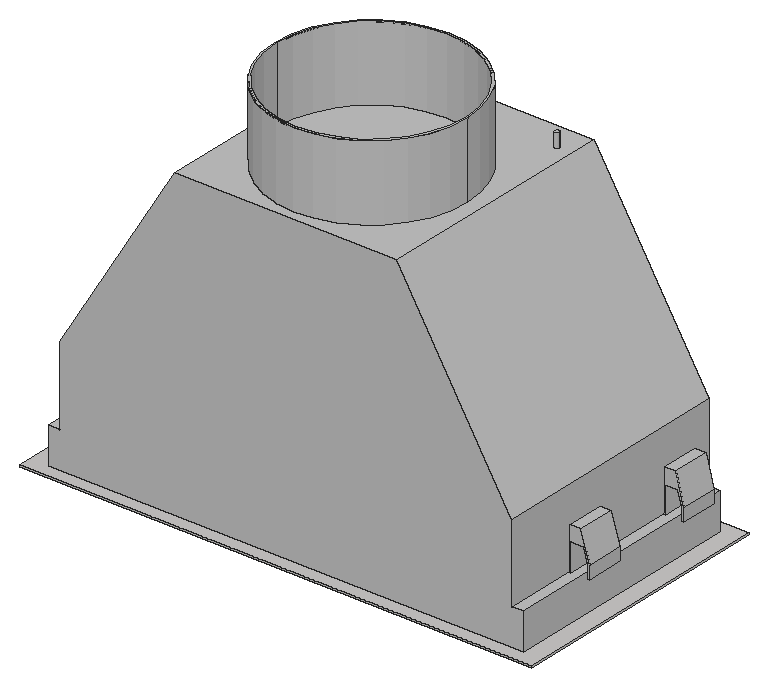
Revit family "FP_Revit_18_HP60IDCHEX3_Rangehood_90000957A", category Specialty Equipment, Revit 2018
Family settings
  Round Connector Dimension = Use Diameter
  Part Type = Normal
  OmniClass Number = 23.40.40.00
  OmniClass Title = Food Service Equipment and Furnishings
  Work Plane-Based = No
  Always vertical = Yes
  Cut with Voids When Loaded = Yes
  Shared = No
  Room Calculation Point = No
Parameters
  Visibility - Clearance Required = yes
  URL = "www.fisherpaykel.com"
  Product - Width = 530 mm  # constant formula
  Product - Height = 398 mm  # constant formula
  Product - Depth = 280 mm  # constant formula
  Model = "HP60IDCHEX3"
  Material - Trim = Fisher & Paykel - Stainless Steel
  Material - Glass = Fisher & Paykel - Glass, Black
  Material - Diffuser = Fisher & Paykel - White Bezel
  Material - Body = Fisher & Paykel - Grey
  Manufacturer = "Fisher & Paykel Appliances"
  Keynote = ""
  FFL Offset [instance] = 1550 mm
  Description = "60cm Built-in Integrated Rangehood (uses External Blower HB1200E)"
  Connector Description - Extraction = "Use rigid or semi-rigid ducting 200mm diameter, 1200m³/hr"
  Connector Description - Electrical = "220-240 V, 50Hz, 15 A fused electrical supply"
  Chassis - Width = 492 mm  # constant formula
  Chassis - Height = 318 mm  # constant formula
  Chassis - Depth = 255 mm  # constant formula
  Cavity - Width = 500 mm  # constant formula
  Cavity - Height = 400 mm  # constant formula
  Cavity - Depth = 260 mm  # constant formula
Reference planes
  plane 1 "Center (Front/Back)": y = 0
  plane 2: z = 0
  plane 3 "Center (Left/Right)": x = 0
  plane 4 "Product - LHS": x = -265
  plane 5 "Product - RHS": x = 265
  plane 6 "Product - Rear": y = 140
  plane 7 "Cavity - Rear": y = 130
  plane 8 "Chassis - LHS": x = -246
  plane 9 "Chassis - RHS": x = 246
  plane 10 "Product - Front": y = -140
  plane 11 "Cavity - Front": y = -130
  plane 12 "Cavity - RHS": x = 250
  plane 13 "Cavity - LHS": x = -250
  plane 14 "Chassis - Rear": y = 127.5
  plane 15 "Chassis - Front": y = -127.5
  plane 16 "FFL Offset": z = 1550
  plane 17 "Frame": z = 1548
Forms (mm)
  Extrusion 1, solid, material "Fisher & Paykel - Grey" <- "Material - Body"
    sketch origin (0, -130, 0) x (-1, 0, 0) y (0, 0, 1)
      loop
        line (-234, 1588) -> (-246, 1588) -> (-246, 1550) -> (246, 1550) -> (246, 1588) -> (234, 1588) -> (234, 1669) -> (115, 1868) -> (-115, 1868) -> (-234, 1669) -> (-234, 1588)
    from 3 to 257.5
  Extrusion 2, void
    sketch origin (0, 0, 0) x (0, 1, 0) y (0, 0, 1)
      loop
        line (-125, 1548) -> (-75, 1548) -> (-75, 1550) -> (-73, 1553.464) -> (-97.046, 1567.347) -> (-99.046, 1563.883) -> (-102, 1569) -> (-125, 1569) -> (-125, 1548)
      loop
        line (-59, 1548) -> (125, 1548) -> (125, 1568) -> (113, 1568) -> (113, 1578) -> (-59, 1578) -> (-59, 1548)
    from -245 to 245
  Extrusion 3, solid, material "Fisher & Paykel - Stainless Steel" <- "Material - Trim"
    sketch origin (0, 0, 0) x (1, 0, 0) y (0, 1, 0)
      loop
        line (-265, -140) -> (265, -140) -> (265, 140) -> (-265, 140) -> (-265, -140)
      loop
        line (-245, -125) -> (245, -125) -> (245, -75) -> (-245, -75) -> (-245, -125)
      loop
        line (-245, -59) -> (245, -59) -> (245, 125) -> (-245, 125) -> (-245, -59)
    from 1548 to 1550
  Extrusion 4, solid, material "Fisher & Paykel - Glass, Black" <- "Material - Glass", detail levels fine
    sketch origin (0, 0, 0) x (1, 0, 0) y (0, 1, 0)
      loop
        line (-227.5, -43.3) -> (227.5, -43.3) -> (227.5, 104.7) -> (-227.5, 104.7) -> (-227.5, -43.3)
    from 1548 to 1551
  Extrusion 5, solid, material "Fisher & Paykel - Grey" <- "Material - Body", detail levels medium+fine
    sketch origin (0, 0, 1550) x (1, 0, 0) y (0, 0, 1)
      loop
        line (248.781, 66) -> (253, 51) -> (253, 38) -> (255, 38) -> (255, 51) -> (246.281, 82) -> (234, 82) -> (234, 38) -> (236, 38) -> (236, 66) -> (248.781, 66)
      loop
        line (-248.781, 66) -> (-236, 66) -> (-236, 38) -> (-234, 38) -> (-234, 82) -> (-246.281, 82) -> (-255, 51) -> (-255, 38) -> (-253, 38) -> (-253, 51) -> (-248.781, 66)
    from 14 to 53
  Extrusion 6, solid, material "Fisher & Paykel - Grey"
    sketch origin (0, 0, 0) x (1, 0, 0) y (0, 1, 0)
      loop
        circle (0.024, -17) r 99.999
      loop
        circle (0.024, -17) r 98
    from 1868 to 1946
  Extrusion 7, solid, material "Fisher & Paykel - Grey" <- "Material - Body", detail levels fine
    sketch origin (0, 0, 0) x (1, 0, 0) y (0, 1, 0)
      loop
        circle (-99, 100) r 2.487
      loop
        circle (99, 100) r 2.458
    from 1868 to 1881.6
  Extrusion 8, solid, material "Fisher & Paykel - White Bezel" <- "Material - Diffuser", detail levels fine
    sketch origin (0, 0, 1550) x (0, 1, 0) y (0, 0, 1)
      loop
        line (-118, 19) -> (-118, 18) -> (-107, 18) -> (-107, 19) -> (-118, 19)
    from -212 to 212
  Extrusion 9, solid, material "Fisher & Paykel - Clearance Required", visible <- "Visibility - Clearance Required", detail levels coarse
    sketch origin (0, 0, 0) x (1, 0, 0) y (0, 1, 0)
      loop
        line (-250, 130) -> (-250, -130) -> (250, -130) -> (250, 130) -> (-250, 130)
    from 1550 to 1950
  Extrusion 10, solid, material "Fisher & Paykel - Clearance Required", visible <- "Visibility - Clearance Required", detail levels coarse
    sketch origin (0, 0, 0) x (1, 0, 0) y (0, 1, 0)
      loop
        circle (0, -17) r 105
    from 1950 to 2000
  Extrusion 11, solid, material "Fisher & Paykel - Grey" <- "Material - Body", detail levels medium+fine
    sketch origin (0, 0, 1550) x (1, 0, 0) y (0, 0, -1)
      loop
        line (248.781, -66) -> (236, -66) -> (236, -38) -> (234, -38) -> (234, -82) -> (246.281, -82) -> (255, -51) -> (255, -38) -> (253, -38) -> (253, -51) -> (248.781, -66)
      loop
        line (-248.781, -66) -> (-253, -51) -> (-253, -38) -> (-255, -38) -> (-255, -51) -> (-246.281, -82) -> (-234, -82) -> (-234, -38) -> (-236, -38) -> (-236, -66) -> (-248.781, -66)
    from 69 to 108
  Extrusion 12, solid, material "Fisher & Paykel - Glass, Black" <- "Material - Glass", detail levels fine
    sketch origin (0, 0, 1550) x (0, 1, 0) y (0, 0, 1)
      loop
        line (-97.046, 17.347) -> (-99.046, 13.883) -> (-75, 0) -> (-73, 3.464) -> (-97.046, 17.347)
    from -245 to 245
  Extrusion 13, solid, material "Fisher & Paykel - Grey" <- "Material - Body", not visible, detail levels medium+fine
    sketch origin (0, 0, 1000) x (1, 0, 0) y (0, 0, 1)
      loop
        line (248.781, 66) -> (253, 51) -> (253, 38) -> (255, 38) -> (255, 51) -> (246.281, 82) -> (234, 82) -> (234, 38) -> (236, 38) -> (236, 66) -> (248.781, 66)
      loop
        line (-248.781, 66) -> (-236, 66) -> (-236, 38) -> (-234, 38) -> (-234, 82) -> (-246.281, 82) -> (-255, 51) -> (-255, 38) -> (-253, 38) -> (-253, 51) -> (-248.781, 66)
    from 14 to 53
  Extrusion 14, solid, material "Fisher & Paykel - White Bezel" <- "Material - Diffuser", not visible, detail levels fine
    sketch origin (0, 0, 1000) x (0, 1, 0) y (0, 0, 1)
      loop
        line (-118, 19) -> (-118, 18) -> (-107, 18) -> (-107, 19) -> (-118, 19)
    from -212 to 212
  Extrusion 15, solid, material "Fisher & Paykel - Grey" <- "Material - Body", not visible, detail levels medium+fine
    sketch origin (0, 0, 1000) x (1, 0, 0) y (0, 0, -1)
      loop
        line (248.781, -66) -> (236, -66) -> (236, -38) -> (234, -38) -> (234, -82) -> (246.281, -82) -> (255, -51) -> (255, -38) -> (253, -38) -> (253, -51) -> (248.781, -66)
      loop
        line (-248.781, -66) -> (-253, -51) -> (-253, -38) -> (-255, -38) -> (-255, -51) -> (-246.281, -82) -> (-234, -82) -> (-234, -38) -> (-236, -38) -> (-236, -66) -> (-248.781, -66)
    from 69 to 108
  Extrusion 16, solid, material "Fisher & Paykel - Glass, Black" <- "Material - Glass", not visible, detail levels fine
    sketch origin (0, 0, 1000) x (0, 1, 0) y (0, 0, 1)
      loop
        line (-97.046, 17.347) -> (-99.046, 13.883) -> (-75, 0) -> (-73, 3.464) -> (-97.046, 17.347)
    from -245 to 245
  Extrusion 17, void
    sketch origin (0, 0, 0) x (1, 0, 0) y (0, 1, 0)
      loop
        line (-250, 130) -> (-250, -130) -> (250, -130) -> (250, 130) -> (-250, 130)
    from 1550 to 1950
  Extrusion 18, void
    sketch origin (0, 0, 0) x (1, 0, 0) y (0, 1, 0)
      loop
        circle (0, -17) r 105
    from 1950 to 2000
Cuts and joins
  Extrusion 2 cuts Extrusion 1
Text (mm)
  text "Due to ongoing product development, product details are subject to change without notice. \nPlease always refer to www.fisherpaykel.com for the most current product information. \n© Fisher & Paykel 2020" at (41.04, -1044.323, 0), in view "Ref. Level (Plan)"
Dimensions and locks
  equal spacing: plane 4 "Product - LHS", plane 3 "Center (Left/Right)", plane 5 "Product - RHS"
  equal spacing: plane 8 "Chassis - LHS", plane 3 "Center (Left/Right)", plane 9 "Chassis - RHS"
  "Chassis - Width": plane 8 "Chassis - LHS" to plane 9 "Chassis - RHS"
  equal spacing: plane 11 "Cavity - Front", plane 1 "Center (Front/Back)", plane 7 "Cavity - Rear"
  equal spacing: plane 6 "Product - Rear", plane 1 "Center (Front/Back)", plane 10 "Product - Front"
  "Cavity - Depth": plane 11 "Cavity - Front" to plane 7 "Cavity - Rear"
  "Product - Depth": plane 6 "Product - Rear" to plane 10 "Product - Front"
  "Product - Width": plane 4 "Product - LHS" to plane 5 "Product - RHS"
  equal spacing: plane 13 "Cavity - LHS", plane 3 "Center (Left/Right)", plane 12 "Cavity - RHS"
  plane 13 "Cavity - LHS" to plane 12 "Cavity - RHS" = 500 mm
  "Cavity - Width": plane 13 "Cavity - LHS" to plane 12 "Cavity - RHS"
  equal spacing: plane 15 "Chassis - Front", plane 1 "Center (Front/Back)", plane 14 "Chassis - Rear"
  "Chassis - Depth": plane 15 "Chassis - Front" to plane 14 "Chassis - Rear"
  "FFL Offset": plane 16 "FFL Offset" to level
  locked: Extrusion 1 sketch curve to plane 16 "FFL Offset" at 38  (x2)
  locked: Extrusion 1 sketch curve to plane 16 "FFL Offset" at 119  (x2)
  locked: plane 16 "FFL Offset" to plane 17 "Frame" at 2
  locked: cut or joined group of Extrusion 1, Extrusion 2 to plane 16 "FFL Offset" at 28
  locked: cut or joined group of Extrusion 1, Extrusion 2 to plane 16 "FFL Offset" at 18
  locked: cut or joined group of Extrusion 1, Extrusion 2 to plane 16 "FFL Offset" at 19
  "Chassis - Height": cut or joined group of Extrusion 1, Extrusion 2 to plane 16 "FFL Offset"
  locked: Extrusion 6 to plane 16 "FFL Offset" at 396
  "Product - Height": Extrusion 6 to plane 17 "Frame"
  locked: Extrusion 5 to plane 16 "FFL Offset" at 82
  locked: Extrusion 4 to plane 17 "Frame" at 3
  locked: Extrusion 2 sketch curve to plane 17 "Frame" at 19.347
  locked: Extrusion 2 sketch curve to plane 17 "Frame" at 5.464
  locked: Extrusion 2 sketch curve to plane 17 "Frame" at 15.883
  locked: Extrusion 7 to plane 16 "FFL Offset" at 331.6
  "Cavity - Height": Extrusion 9 to plane 16 "FFL Offset"
  locked: Extrusion 10 to plane 16 "FFL Offset" at 450
  aligned and locked: level to plane 2
  aligned and locked: plane 7 "Cavity - Rear" to Extrusion 9 sketch curve
  aligned and locked: Extrusion 9 sketch curve to plane 13 "Cavity - LHS"
  aligned and locked: plane 11 "Cavity - Front" to Extrusion 9 sketch curve
  aligned and locked: Extrusion 9 sketch curve to plane 12 "Cavity - RHS"
  aligned and locked: Extrusion 1 to plane 14 "Chassis - Rear"
  aligned and locked: Extrusion 1 sketch curve to plane 16 "FFL Offset"
  aligned and locked: Extrusion 3 to Extrusion 2  (x2)
  aligned and locked: Extrusion 3 to cut or joined group of Extrusion 1, Extrusion 2
  aligned and locked: Extrusion 3 to Extrusion 4
  aligned and locked: Extrusion 4 to plane 17 "Frame"
  aligned and locked: Extrusion 6 to cut or joined group of Extrusion 1, Extrusion 2
  aligned and locked: Extrusion 7 to cut or joined group of Extrusion 1, Extrusion 2
  aligned and locked: Extrusion 9 to cut or joined group of Extrusion 1, Extrusion 2
  aligned and locked: Extrusion 10 to Extrusion 9
  aligned and locked: Extrusion 17 to Extrusion 9
  aligned and locked: Extrusion 17 to cut or joined group of Extrusion 1, Extrusion 2
  aligned and locked: Extrusion 18 to Extrusion 10
  aligned and locked: Extrusion 18 to Extrusion 9
Automatic sketch dimensions
  Extrusion 5 sketch curve to Extrusion 5 sketch curve = 2 mm  (x4)
  Extrusion 5 sketch curve to Extrusion 5 sketch curve = 0 mm  (x5)
  Extrusion 5 sketch curve to Extrusion 5 sketch curve = 13 mm  (x2)
  Extrusion 5 sketch curve to Extrusion 5 sketch curve = 15 mm  (x2)
  Extrusion 5 sketch curve to Extrusion 5 sketch curve = 16 mm  (x2)
  Extrusion 8 sketch curve to Extrusion 8 sketch curve = 11 mm
  Extrusion 8 sketch curve to Extrusion 8 sketch curve = 1 mm
  Extrusion 11 sketch curve to Extrusion 11 sketch curve = 2 mm  (x4)
  Extrusion 11 sketch curve to Extrusion 11 sketch curve = 16 mm  (x2)
  Extrusion 11 sketch curve to Extrusion 11 sketch curve = 15 mm  (x2)
  Extrusion 11 sketch curve to Extrusion 11 sketch curve = 0 mm  (x3)
  Extrusion 11 sketch curve to Extrusion 11 sketch curve = 13 mm  (x4)
  Extrusion 12 sketch curve to Extrusion 12 sketch curve = 2 mm
  Extrusion 12 sketch curve to Extrusion 12 sketch curve = 24.046 mm
  Extrusion 5 sketch curve to Extrusion 5 sketch curve = 4.219 mm
  Extrusion 5 sketch curve to Extrusion 5 sketch curve = 2.5 mm
  Extrusion 5 sketch curve to Extrusion 5 sketch curve = 17 mm  (x2)
  Extrusion 5 sketch curve to Extrusion 5 sketch curve = 468 mm
  Extrusion 5 sketch curve to Extrusion 5 sketch curve = 12.281 mm
  Extrusion 5 sketch curve to Extrusion 5 sketch curve = 12.781 mm
  Extrusion 11 sketch curve to Extrusion 11 sketch curve = 4.219 mm
  Extrusion 11 sketch curve to Extrusion 11 sketch curve = 2.5 mm
  Extrusion 11 sketch curve to Extrusion 11 sketch curve = 17 mm  (x2)
  Extrusion 11 sketch curve to Extrusion 11 sketch curve = 468 mm
  Extrusion 11 sketch curve to Extrusion 11 sketch curve = 12.281 mm
  Extrusion 11 sketch curve to Extrusion 11 sketch curve = 12.781 mm
  Extrusion 12 sketch curve to Extrusion 12 sketch curve = 3.464 mm
  Extrusion 13 sketch curve to Extrusion 13 sketch curve = 2 mm  (x4)
  Extrusion 13 sketch curve to Extrusion 13 sketch curve = 0 mm  (x5)
  Extrusion 13 sketch curve to Extrusion 13 sketch curve = 13 mm  (x2)
  Extrusion 13 sketch curve to Extrusion 13 sketch curve = 15 mm  (x2)
  Extrusion 13 sketch curve to Extrusion 13 sketch curve = 16 mm  (x2)
  Extrusion 14 sketch curve to Extrusion 14 sketch curve = 11 mm
  Extrusion 14 sketch curve to Extrusion 14 sketch curve = 1 mm
  Extrusion 15 sketch curve to Extrusion 15 sketch curve = 2 mm  (x4)
  Extrusion 15 sketch curve to Extrusion 15 sketch curve = 16 mm  (x2)
  Extrusion 15 sketch curve to Extrusion 15 sketch curve = 15 mm  (x2)
  Extrusion 15 sketch curve to Extrusion 15 sketch curve = 0 mm  (x3)
  Extrusion 15 sketch curve to Extrusion 15 sketch curve = 13 mm  (x4)
  Extrusion 16 sketch curve to Extrusion 16 sketch curve = 2 mm
  Extrusion 16 sketch curve to Extrusion 16 sketch curve = 24.046 mm
  Extrusion 13 sketch curve to Extrusion 13 sketch curve = 4.219 mm
  Extrusion 13 sketch curve to Extrusion 13 sketch curve = 2.5 mm
  Extrusion 13 sketch curve to Extrusion 13 sketch curve = 17 mm  (x2)
  Extrusion 13 sketch curve to Extrusion 13 sketch curve = 468 mm
  Extrusion 13 sketch curve to Extrusion 13 sketch curve = 12.281 mm
  Extrusion 13 sketch curve to Extrusion 13 sketch curve = 12.781 mm
  Extrusion 15 sketch curve to Extrusion 15 sketch curve = 4.219 mm
  Extrusion 15 sketch curve to Extrusion 15 sketch curve = 2.5 mm
  Extrusion 15 sketch curve to Extrusion 15 sketch curve = 17 mm  (x2)
  Extrusion 15 sketch curve to Extrusion 15 sketch curve = 468 mm
  Extrusion 15 sketch curve to Extrusion 15 sketch curve = 12.281 mm
  Extrusion 15 sketch curve to Extrusion 15 sketch curve = 12.781 mm
  Extrusion 16 sketch curve to Extrusion 16 sketch curve = 3.464 mm
  Extrusion 1 sketch curve to plane 9 "Chassis - RHS" = 0 mm
  Extrusion 1 sketch curve to Extrusion 1 sketch curve = 12 mm
  plane 3 "Center (Left/Right)" to Extrusion 1 sketch curve = 115 mm
  Extrusion 1 sketch curve to plane 3 "Center (Left/Right)" = 115 mm
  Extrusion 1 sketch curve to plane 8 "Chassis - LHS" = 12 mm
  Extrusion 1 sketch curve to plane 8 "Chassis - LHS" = 0 mm
  Extrusion 1 sketch curve to Extrusion 1 sketch curve = 199 mm
  Extrusion 2 sketch curve to plane 17 "Frame" = 0 mm  (x2)
  Extrusion 2 sketch curve to plane 16 "FFL Offset" = 0 mm
  plane 15 "Chassis - Front" to Extrusion 2 sketch curve = 2.5 mm
  Extrusion 2 sketch curve to Extrusion 2 sketch curve = 23 mm
  Extrusion 2 sketch curve to Extrusion 2 sketch curve = 2.954 mm
  Extrusion 2 sketch curve to Extrusion 2 sketch curve = 2 mm
  Extrusion 2 sketch curve to Extrusion 2 sketch curve = 14 mm
  plane 14 "Chassis - Rear" to Extrusion 2 sketch curve = 14.5 mm
  plane 14 "Chassis - Rear" to Extrusion 2 sketch curve = 2.5 mm
  plane 16 "FFL Offset" to Extrusion 2 sketch curve = 18 mm
  Extrusion 2 sketch curve to Extrusion 2 sketch curve = 1.653 mm
  Extrusion 2 sketch curve to Extrusion 2 sketch curve = 10 mm
  Extrusion 3 sketch curve to plane 4 "Product - LHS" = 0 mm
  Extrusion 3 sketch curve to plane 5 "Product - RHS" = 0 mm
  Extrusion 3 sketch curve to plane 8 "Chassis - LHS" = 1 mm  (x2)
  Extrusion 3 sketch curve to plane 9 "Chassis - RHS" = 1 mm  (x2)
  Extrusion 3 sketch curve to plane 10 "Product - Front" = 0 mm
  plane 15 "Chassis - Front" to Extrusion 3 sketch curve = 2.5 mm
  Extrusion 3 sketch curve to Extrusion 3 sketch curve = 50 mm
  Extrusion 3 sketch curve to Extrusion 3 sketch curve = 16 mm
  plane 14 "Chassis - Rear" to Extrusion 3 sketch curve = 2.5 mm
  plane 6 "Product - Rear" to Extrusion 3 sketch curve = 0 mm
  Extrusion 4 sketch curve to plane 8 "Chassis - LHS" = 18.5 mm
  Extrusion 4 sketch curve to plane 9 "Chassis - RHS" = 18.5 mm
  plane 1 "Center (Front/Back)" to Extrusion 4 sketch curve = 43.3 mm
  plane 14 "Chassis - Rear" to Extrusion 4 sketch curve = 22.8 mm
  Extrusion 6 sketch curve to Extrusion 6 sketch curve = 0 mm  (x2)
  plane 3 "Center (Left/Right)" to Extrusion 6 sketch curve = 0.024 mm
  plane 1 "Center (Front/Back)" to Extrusion 6 sketch curve = 17 mm
  plane 14 "Chassis - Rear" to Extrusion 7 sketch curve = 27.5 mm  (x2)
  Extrusion 7 sketch curve to plane 3 "Center (Left/Right)" = 99 mm
  plane 3 "Center (Left/Right)" to Extrusion 7 sketch curve = 99 mm
  Extrusion 10 sketch curve to plane 3 "Center (Left/Right)" = 0 mm
  plane 1 "Center (Front/Back)" to Extrusion 10 sketch curve = 17 mm
  Extrusion 17 sketch curve to plane 11 "Cavity - Front" = 0 mm
  Extrusion 17 sketch curve to plane 13 "Cavity - LHS" = 0 mm
  Extrusion 17 sketch curve to plane 12 "Cavity - RHS" = 0 mm
  plane 7 "Cavity - Rear" to Extrusion 17 sketch curve = 0 mm
  Extrusion 18 sketch curve to plane 3 "Center (Left/Right)" = 0 mm
  plane 1 "Center (Front/Back)" to Extrusion 18 sketch curve = 17 mm
  radius of Extrusion 6 sketch curve = 99.999 mm
  radius of Extrusion 6 sketch curve = 98 mm
  radius of Extrusion 7 sketch curve = 2.487 mm
  radius of Extrusion 7 sketch curve = 2.458 mm
  radius of Extrusion 10 sketch curve = 105 mm
  radius of Extrusion 18 sketch curve = 105 mm
Connectors
  hvac at (0.024, -17, 1946), driven by "Connector Description - Extraction"
    settings: on Extrusion 6, index 2, duct flow 0.0 L/s, flow factor 0, pres drop 0.0 Pa, loss coef 0, conn angle 0.00°, conn width 304.8 mm, conn height 304.8 mm, conn diameter 200 mm, duct sys type 4, conn prof type 0, flow config 0, flow direction 2, loss method 0, conn ref index -1, conn util no, is conn primary yes, conn desc "Use rigid or semi-rigid ducting 200mm diameter, 1200m³/hr"
  electrical at (-99, 100, 1881.6), driven by "Connector Description - Electrical"
    settings: on Extrusion 7, index 3, voltage 230 V, apparent load 0 VA, apparent load phase1 0 VA, apparent load phase2 0 VA, apparent load phase3 0 VA, power factor 1, load classification "Other", number of poles 1, system type 30, power factor state 1, is connector primary yes, connector utility no, sub classification motor no, connector description "220-240 V, 50Hz, 15 A fused electrical supply"
